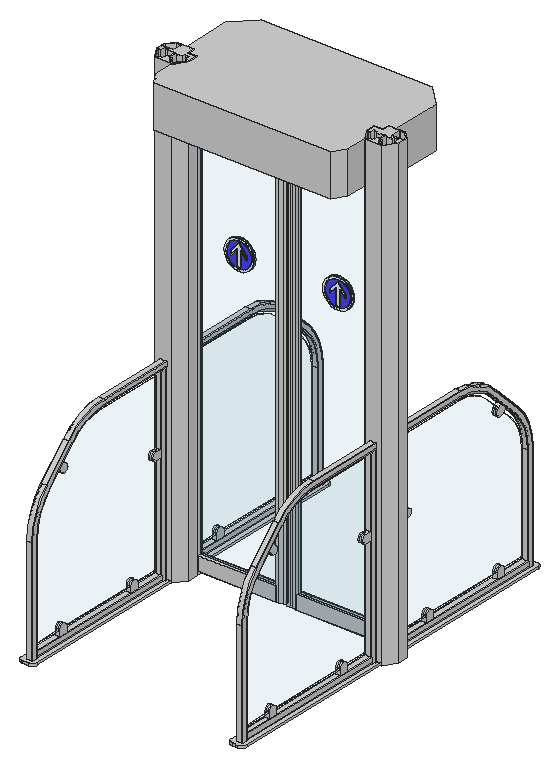
Revit family "assa_abloy_el_single", category Doors, Revit 2026 (continued)
Lines and regions (mm)
  symbolic lines, detail levels fine
    curve 49: line (469.9, -44, 0) -> (492.65, -44, 0)
    curve 50: line (469.9, -65.303, 0) -> (469.9, -44, 0)
    curve 51: line (452.3, -65.303, 0) -> (469.9, -65.303, 0)
    curve 52: line (452.3, -67.057, 0) -> (452.3, -65.303, 0)
    curve 53: line (486.52, -121.863, 0) -> (452.3, -67.057, 0)
    curve 54: line (534.65, -90.06, 0) -> (534.65, -53.5, 0)
    curve 55: line (543.15, -90.06, 0) -> (534.65, -90.06, 0)
    curve 56: line (543.15, -103.76, 0) -> (543.15, -90.06, 0)
    curve 57: line (550.15, -103.76, 0) -> (543.15, -103.76, 0)
    curve 58: line (550.15, -113.76, 0) -> (550.15, -103.76, 0)
    curve 59: line (560.85, -113.76, 0) -> (550.15, -113.76, 0)
    curve 60: line (577.78, -121.863, 0) -> (560.85, -121.863, 0)
    curve 61: line (612, -67.057, 0) -> (577.78, -121.863, 0)
    curve 62: line (612, -65.303, 0) -> (612, -67.057, 0)
    curve 63: line (594.6, -65.303, 0) -> (612, -65.303, 0)
    curve 64: line (594.6, -44, 0) -> (594.6, -65.303, 0)
    curve 65: line (571.65, -44, 0) -> (594.6, -44, 0)
    curve 66: line (571.65, -53.5, 0) -> (571.65, -44, 0)
    curve 67: line (534.65, -53.5, 0) -> (571.65, -53.5, 0)
    curve 68: line (612, -39, 0) -> (552.6, -39, 0)
    curve 69: line (612, -21.326, 0) -> (612, -39, 0)
    curve 70: line (579.934, 10.74, 0) -> (612, -21.326, 0)
    curve 71: line (556, 10.74, 0) -> (579.934, 10.74, 0)
    curve 72: line (556, 7.95, 0) -> (556, 10.74, 0)
    curve 73: line (552.6, 7.95, 0) -> (556, 7.95, 0)
    curve 74: line (552.6, -39, 0) -> (552.6, 7.95, 0)
    curve 75: line (560.85, -121.863, 0) -> (560.85, -113.76, 0)
    curve 76: line (492.65, -44, 0) -> (492.65, -53.5, 0)
  reference lines
    curve 38: line (-536.4, 0, 0) -> (-536.4, 17.45, 0)
    curve 39: line (536.4, 0, 0) -> (536.4, 17.24, 0)
  symbolic lines, detail levels medium+fine
    curve 77: line (-520.358, -978.395, 0) -> (-544.441, -978.395, 0)
    curve 78: line (-547.441, -128.76, 0) -> (-547.441, -975.394, 0)
    curve 79: line (-517.358, -975.396, 0) -> (-517.358, -128.76, 0)
    curve 80: arc (-517.4, -975.396, 0) -> (-518.264, -977.502, 0) -> (-520.358, -978.395, 0) r 2.999
    curve 81: arc (-544.441, -978.395, 0) -> (-546.536, -977.501, 0) -> (-547.4, -975.394, 0) r 3.001
    curve 92: line (517.358, -128.76, 0) -> (517.358, -975.396, 0)
    curve 93: line (547.441, -975.394, 0) -> (547.441, -128.76, 0)
    curve 94: line (544.441, -978.395, 0) -> (520.358, -978.395, 0)
    curve 95: arc (520.358, -978.395, 0) -> (518.264, -977.502, 0) -> (517.4, -975.396, 0) r 2.999
    curve 96: arc (547.4, -975.394, 0) -> (546.536, -977.501, 0) -> (544.441, -978.395, 0) r 3.001
  symbolic lines, visible <- "LargeRailing", detail levels medium+fine
    curve 82: line (-547.441, 1214.801, 0) -> (-547.441, 17.45, 0)
    curve 83: line (-517.358, 17.45, 0) -> (-517.358, 1214.803, 0)
    curve 84: line (-544.441, 1217.802, 0) -> (-520.358, 1217.802, 0)
    curve 85: arc (-520.358, 1217.802, 0) -> (-518.264, 1216.91, 0) -> (-517.4, 1214.803, 0) r 2.999
    curve 86: arc (-547.4, 1214.801, 0) -> (-546.536, 1216.909, 0) -> (-544.441, 1217.802, 0) r 3.001
    curve 97: line (517.358, 1214.803, 0) -> (517.358, 17.45, 0)
    curve 98: line (547.441, 17.45, 0) -> (547.441, 1214.801, 0)
    curve 99: line (520.358, 1217.802, 0) -> (544.441, 1217.802, 0)
    curve 100: arc (517.4, 1214.803, 0) -> (518.264, 1216.91, 0) -> (520.358, 1217.802, 0) r 2.999
    curve 101: arc (544.441, 1217.802, 0) -> (546.536, 1216.909, 0) -> (547.4, 1214.801, 0) r 3.001
  symbolic lines, visible <- "ShortRailing", detail levels medium+fine
    curve 87: line (-544.441, 867.085, 0) -> (-520.358, 867.085, 0)
    curve 88: arc (-547.4, 864.084, 0) -> (-546.536, 866.191, 0) -> (-544.441, 867.085, 0) r 3.001
    curve 89: arc (-520.358, 867.085, 0) -> (-518.264, 866.192, 0) -> (-517.4, 864.086, 0) r 2.999
    curve 90: line (-517.358, 17.45, 0) -> (-517.358, 864.086, 0)
    curve 91: line (-547.441, 864.084, 0) -> (-547.441, 17.45, 0)
    curve 102: line (520.358, 867.085, 0) -> (544.441, 867.085, 0)
    curve 103: arc (544.441, 867.085, 0) -> (546.536, 866.191, 0) -> (547.4, 864.084, 0) r 3.001
    curve 104: arc (517.4, 864.086, 0) -> (518.264, 866.192, 0) -> (520.358, 867.085, 0) r 2.999
    curve 105: line (517.358, 864.086, 0) -> (517.358, 17.45, 0)
    curve 106: line (547.441, 17.45, 0) -> (547.441, 864.084, 0)
Dimensions and locks
  "PassageHeight": plane 5 "PH" to plane 2
  "CanopyHeight": plane 4 "Top" to plane 5 "PH"
  equal spacing: plane 6, plane 3 "Center (Left/Right)", plane 7
  "PassageWidth": plane 6 to plane 7
  locked: plane 7 to plane 8 at 23.1
  locked: plane 9 to plane 6 at 23.1
  plane 10 "Right" to plane 11 = 8.00 mm
  locked: plane 1 "Entry" to plane 14 at 9.35
  locked: plane 14 to plane 15 at 8.1
  locked: plane 5 "PH" to plane 17 at 19.1
  locked: plane 13 to plane 12 "Left" at 8
  locked: plane 12 "Left" to plane 9 at 55.3
  locked: plane 8 to plane 10 "Right" at 55.3
  locked: Extrusion 48 sketch curve to plane 5 "PH" at 51.33
  locked: Extrusion 48 sketch curve to plane 5 "PH" at 38.08
  plane 5 "PH" to Extrusion 48 sketch curve = 64.58 mm
  aligned and locked: level to plane 2
  aligned and locked: Sweep 1 sketch curve to plane 7
  aligned and locked: plane 1 "Entry" to nested 1
  aligned and locked: plane 9 to nested 1
  aligned and locked: plane 8 to nested 2
  aligned and locked: nested 2 to plane 1 "Entry"
  aligned and locked: Masking region 1 sketch curve to Sweep 2  (x9)
  aligned and locked: curve 1 to Sweep 2
  aligned and locked: curve 2 to Sweep 2
  aligned and locked: curve 3 to Sweep 2
  aligned and locked: curve 4 to Sweep 2
  aligned and locked: curve 5 to Sweep 2
  aligned and locked: curve 6 to Sweep 2
  aligned and locked: curve 7 to Sweep 2
  aligned and locked: curve 8 to Sweep 2
  aligned and locked: curve 9 to Sweep 2
  aligned and locked: curve 10 to Sweep 2
  aligned and locked: curve 11 to Sweep 2
  aligned and locked: curve 12 to Sweep 2
  aligned and locked: curve 13 to Sweep 2
  aligned and locked: curve 14 to Sweep 2
  aligned and locked: curve 15 to Sweep 2
  aligned and locked: curve 16 to Sweep 2
  aligned and locked: curve 17 to Sweep 2
  aligned and locked: curve 18 to Sweep 2
  aligned and locked: curve 19 to Sweep 2
  aligned and locked: curve 20 to Sweep 2
  aligned and locked: curve 21 to Sweep 2
  aligned and locked: curve 22 to Sweep 2
  aligned and locked: curve 23 to Sweep 2
  aligned and locked: curve 24 to Sweep 2
  aligned and locked: curve 25 to Sweep 2
  aligned and locked: curve 26 to Sweep 2
  aligned and locked: curve 27 to Sweep 2
  aligned and locked: curve 28 to Sweep 2
  aligned and locked: curve 29 to Sweep 2
  aligned and locked: curve 30 to Sweep 2
  aligned and locked: curve 31 to Sweep 2
  aligned and locked: curve 32 to Sweep 2
  aligned and locked: curve 33 to Sweep 2
  aligned and locked: curve 34 to Sweep 2
  aligned and locked: curve 35 to Sweep 2
  aligned and locked: curve 36 to Sweep 2
  aligned and locked: curve 37 to Sweep 2
  aligned and locked: curve 39 to plane 11
  aligned and locked: Extrusion 6 sketch curve to Sweep 1  (x2)
  aligned and locked: Extrusion 6 sketch curve to Sweep 2  (x2)
  aligned and locked: Masking region 2 sketch curve to Sweep 1  (x9)
  aligned and locked: curve 40 to Sweep 1
  aligned and locked: curve 41 to Sweep 1
  aligned and locked: curve 42 to Sweep 1
  aligned and locked: curve 43 to Sweep 1
  aligned and locked: curve 44 to Sweep 1
  aligned and locked: curve 45 to Sweep 1
  aligned and locked: curve 46 to Sweep 1
  aligned and locked: curve 47 to Sweep 1
  aligned and locked: Sweep 1 to curve 48
  aligned and locked: curve 49 to Sweep 1
  aligned and locked: curve 50 to Sweep 1
  aligned and locked: curve 51 to Sweep 1
  aligned and locked: curve 52 to Sweep 1
  aligned and locked: curve 53 to Sweep 1
  aligned and locked: curve 54 to Sweep 1
  aligned and locked: curve 55 to Sweep 1
  aligned and locked: curve 56 to Sweep 1
  aligned and locked: curve 57 to Sweep 1
  aligned and locked: curve 58 to Sweep 1
  aligned and locked: curve 59 to Sweep 1
  aligned and locked: curve 60 to Sweep 1
  aligned and locked: curve 61 to Sweep 1
  aligned and locked: curve 62 to Sweep 1
  aligned and locked: curve 63 to Sweep 1
  aligned and locked: curve 64 to Sweep 1
  aligned and locked: curve 65 to Sweep 1
  aligned and locked: curve 66 to Sweep 1
  aligned and locked: curve 67 to Sweep 1
  aligned and locked: curve 68 to Sweep 1
  aligned and locked: curve 69 to Sweep 1
  aligned and locked: curve 70 to Sweep 1
  aligned and locked: curve 71 to Sweep 1
  aligned and locked: curve 72 to Sweep 1
  aligned and locked: curve 73 to Sweep 1
  aligned and locked: curve 74 to Sweep 1
  aligned and locked: curve 75 to Sweep 1
  aligned and locked: curve 76 to Sweep 1
  aligned and locked: Extrusion 10 sketch curve to plane 15
  aligned and locked: Extrusion 13 to plane 11
  aligned and locked: plane 15 to Sweep 8 sketch curve
  aligned and locked: Extrusion 15 to plane 11
  aligned and locked: Extrusion 16 to plane 11
  aligned and locked: plane 3 "Center (Left/Right)" to nested 3
  aligned and locked: plane 1 "Entry" to nested 3
  aligned and locked: Masking region 3 sketch curve to Extrusion 23  (x3)
  aligned and locked: Sweep 2 to Masking region 3 sketch curve
  aligned and locked: Masking region 4 sketch curve to Extrusion 42  (x3)
  aligned and locked: Masking region 4 sketch curve to Sweep 2
  aligned and locked: Masking region 5 sketch curve to Extrusion 24  (x3)
  aligned and locked: Masking region 5 sketch curve to Sweep 2
  aligned and locked: curve 77 to Extrusion 23
  aligned and locked: curve 78 to Extrusion 32
  aligned and locked: curve 79 to Extrusion 32
  aligned and locked: curve 80 to Extrusion 23
  aligned and locked: curve 81 to Extrusion 23
  aligned and locked: curve 82 to Extrusion 25
  aligned and locked: curve 83 to Extrusion 25
  aligned and locked: curve 84 to Extrusion 24
  aligned and locked: curve 85 to Extrusion 24
  aligned and locked: curve 86 to Extrusion 24
  aligned and locked: curve 87 to Extrusion 42
  aligned and locked: curve 88 to Extrusion 42
  aligned and locked: curve 89 to Extrusion 42
  aligned and locked: curve 90 to Extrusion 45
  aligned and locked: curve 91 to Extrusion 45
  aligned and locked: Masking region 6 sketch curve to Extrusion 9  (x3)
  aligned and locked: Sweep 1 to Masking region 6 sketch curve
  aligned and locked: curve 92 to Extrusion 18
  aligned and locked: curve 93 to Extrusion 18
  aligned and locked: curve 94 to Extrusion 9
  aligned and locked: curve 95 to Extrusion 9
  aligned and locked: curve 96 to Extrusion 9
  aligned and locked: Masking region 7 sketch curve to Extrusion 36  (x3)
  aligned and locked: Sweep 1 to Masking region 7 sketch curve
  aligned and locked: Masking region 8 sketch curve to Extrusion 10  (x3)
  aligned and locked: Sweep 1 to Masking region 8 sketch curve
  aligned and locked: curve 97 to Extrusion 11
  aligned and locked: curve 98 to Extrusion 11
  aligned and locked: curve 99 to Extrusion 10
  aligned and locked: curve 100 to Extrusion 10
  aligned and locked: curve 101 to Extrusion 10
  aligned and locked: curve 102 to Extrusion 36
  aligned and locked: curve 103 to Extrusion 36
  aligned and locked: curve 104 to Extrusion 36
  aligned and locked: curve 105 to Extrusion 39
  aligned and locked: curve 106 to Extrusion 39
  aligned and locked: Extrusion 3 sketch curve to cut or joined group of Extrusion 3, Extrusion 4, Extrusion 5, Extrusion 6  (x19)
  aligned and locked: cut or joined group of Extrusion 3, Extrusion 4, Extrusion 5, Extrusion 6 to Extrusion 3 sketch curve
  aligned and locked: plane 5 "PH" to Extrusion 47 sketch curve
Automatic sketch dimensions
  plane 1 "Entry" to curve 38 = 0.00 mm
  curve 38 to plane 13 = 0.00 mm  (x2)
  plane 15 to curve 38 = 0.00 mm
  plane 1 "Entry" to curve 39 = 0.00 mm
  curve 39 to curve 39 = 14.122 mm
  Sweep 1 sketch curve to level = 0.00 mm
  Sweep 1 sketch curve to plane 4 "Top" = 0.00 mm
  Sweep 1 sketch curve to profile plane = 0.00 mm
  profile plane to Sweep 1 sketch curve = 2.30 mm
  profile plane to Sweep 1 sketch curve = 19.90 mm
  profile plane to Sweep 1 sketch curve = 36.52 mm
  Sweep 1 sketch curve to Sweep 1 sketch curve = 0.946 mm
  Sweep 1 sketch curve to Sweep 1 sketch curve = 22.75 mm
  Sweep 1 sketch curve to Sweep 1 sketch curve = 0.646 mm
  Sweep 1 sketch curve to Sweep 1 sketch curve = 16.93 mm
  Sweep 1 sketch curve to Sweep 1 sketch curve = 10.70 mm  (x2)
  Sweep 1 sketch curve to Sweep 1 sketch curve = 7.00 mm  (x2)
  Sweep 1 sketch curve to Sweep 1 sketch curve = 37.00 mm
  Sweep 1 sketch curve to Sweep 1 sketch curve = 5.00 mm  (x2)
  Sweep 1 sketch curve to Sweep 1 sketch curve = 8.50 mm
  Sweep 1 sketch curve to Sweep 1 sketch curve = 17.95 mm
  Sweep 1 sketch curve to Sweep 1 sketch curve = 3.40 mm
  Sweep 1 sketch curve to Sweep 1 sketch curve = 19.05 mm
  Sweep 1 sketch curve to Sweep 1 sketch curve = 20.752 mm
  Sweep 1 sketch curve to Sweep 1 sketch curve = 16.185 mm
  Sweep 1 sketch curve to Sweep 1 sketch curve = 0.746 mm
  Sweep 1 sketch curve to Sweep 1 sketch curve = 3.182 mm
  Sweep 1 sketch curve to Sweep 1 sketch curve = 22.95 mm
  plane 1 "Entry" to Sweep 1 sketch curve = 21.326 mm
  Sweep 1 sketch curve to Sweep 1 sketch curve = 17.40 mm  (x2)
  plane 1 "Entry" to Sweep 1 sketch curve = 20.298 mm
  Sweep 1 sketch curve to Sweep 1 sketch curve = 2.50 mm
  plane 1 "Entry" to Sweep 1 sketch curve = 20.296 mm
  Sweep 1 sketch curve to plane 1 "Entry" = 7.95 mm
  Sweep 1 sketch curve to Sweep 1 sketch curve = 2.79 mm
  Sweep 1 sketch curve to Sweep 1 sketch curve = 6.71 mm
  plane 1 "Entry" to Sweep 1 sketch curve = 39.00 mm
  Sweep 1 sketch curve to Sweep 1 sketch curve = 23.704 mm
  Sweep 1 sketch curve to Sweep 1 sketch curve = 14.50 mm
  Sweep 1 sketch curve to Sweep 1 sketch curve = 0.00 mm  (x2)
  Sweep 1 sketch curve to Sweep 1 sketch curve = 21.303 mm  (x2)
  Sweep 1 sketch curve to Sweep 1 sketch curve = 1.754 mm  (x2)
  Sweep 1 sketch curve to Sweep 1 sketch curve = 1.746 mm  (x2)
  Sweep 1 sketch curve to Sweep 1 sketch curve = 36.56 mm
  Sweep 1 sketch curve to Sweep 1 sketch curve = 13.70 mm  (x2)
  Sweep 1 sketch curve to Sweep 1 sketch curve = 10.00 mm  (x2)
  Sweep 1 sketch curve to Sweep 1 sketch curve = 8.103 mm  (x2)
  Sweep 1 sketch curve to Sweep 1 sketch curve = 6.897 mm
  Sweep 2 sketch curve to plane 4 "Top" = 0.00 mm
  plane 6 to Sweep 2 sketch curve = 0.00 mm
  Sweep 2 sketch curve to level = 0.00 mm
  Sweep 2 sketch curve to profile plane = 0.00 mm
  Sweep 2 sketch curve to profile plane = 2.30 mm
  Sweep 2 sketch curve to Sweep 2 sketch curve = 17.60 mm
  Sweep 2 sketch curve to profile plane = 36.52 mm
  Sweep 2 sketch curve to Sweep 2 sketch curve = 0.946 mm
  Sweep 2 sketch curve to Sweep 2 sketch curve = 22.75 mm
  Sweep 2 sketch curve to Sweep 2 sketch curve = 0.646 mm
  Sweep 2 sketch curve to Sweep 2 sketch curve = 16.93 mm
  Sweep 2 sketch curve to Sweep 2 sketch curve = 10.70 mm  (x2)
  Sweep 2 sketch curve to Sweep 2 sketch curve = 7.00 mm  (x2)
  Sweep 2 sketch curve to Sweep 2 sketch curve = 37.00 mm
  Sweep 2 sketch curve to Sweep 2 sketch curve = 5.00 mm  (x2)
  Sweep 2 sketch curve to Sweep 2 sketch curve = 8.50 mm
  Sweep 2 sketch curve to plane 1 "Entry" = 7.95 mm
  Sweep 2 sketch curve to Sweep 2 sketch curve = 59.304 mm
  Sweep 2 sketch curve to Sweep 2 sketch curve = 3.40 mm
  Sweep 2 sketch curve to Sweep 2 sketch curve = 19.05 mm
  Sweep 2 sketch curve to Sweep 2 sketch curve = 20.752 mm
  Sweep 2 sketch curve to Sweep 2 sketch curve = 16.185 mm
  Sweep 2 sketch curve to Sweep 2 sketch curve = 0.746 mm
  Sweep 2 sketch curve to Sweep 2 sketch curve = 3.182 mm
  Sweep 2 sketch curve to Sweep 2 sketch curve = 22.95 mm
  Sweep 2 sketch curve to Sweep 2 sketch curve = 17.40 mm  (x2)
  plane 1 "Entry" to Sweep 2 sketch curve = 68.803 mm
  Sweep 2 sketch curve to Sweep 2 sketch curve = 2.50 mm
  Sweep 2 sketch curve to Sweep 2 sketch curve = 2.79 mm
  Sweep 2 sketch curve to Sweep 2 sketch curve = 6.71 mm
  plane 1 "Entry" to Sweep 2 sketch curve = 20.296 mm
  plane 1 "Entry" to Sweep 2 sketch curve = 20.298 mm
  Sweep 2 sketch curve to Sweep 2 sketch curve = 1.028 mm
  plane 1 "Entry" to Sweep 2 sketch curve = 39.00 mm
  Sweep 2 sketch curve to Sweep 2 sketch curve = 23.704 mm
  Sweep 2 sketch curve to Sweep 2 sketch curve = 14.50 mm
  Sweep 2 sketch curve to Sweep 2 sketch curve = 0.00 mm  (x2)
  Sweep 2 sketch curve to Sweep 2 sketch curve = 21.303 mm
  Sweep 2 sketch curve to Sweep 2 sketch curve = 3.50 mm
  Sweep 2 sketch curve to Sweep 2 sketch curve = 1.754 mm  (x2)
  Sweep 2 sketch curve to Sweep 2 sketch curve = 1.746 mm
  Sweep 2 sketch curve to Sweep 2 sketch curve = 36.56 mm
  Sweep 2 sketch curve to Sweep 2 sketch curve = 13.70 mm  (x2)
  Sweep 2 sketch curve to Sweep 2 sketch curve = 10.00 mm  (x2)
  Sweep 2 sketch curve to Sweep 2 sketch curve = 8.103 mm  (x2)
  Sweep 2 sketch curve to Sweep 2 sketch curve = 6.897 mm
  Extrusion 6 sketch curve to plane 7 = 0.00 mm
  Extrusion 6 sketch curve to plane 6 = 0.00 mm
  plane 15 to Extrusion 6 sketch curve = 0.00 mm  (x2)
  Extrusion 6 sketch curve to plane 8 = 15.00 mm
  plane 7 to Extrusion 6 sketch curve = 1.542 mm
  Extrusion 6 sketch curve to plane 6 = 2.149 mm
  Extrusion 6 sketch curve to plane 9 = 14.65 mm
  Extrusion 6 sketch curve to Extrusion 6 sketch curve = 48.507 mm  (x2)
  Extrusion 6 sketch curve to Extrusion 6 sketch curve = 60.413 mm
  Extrusion 6 sketch curve to Extrusion 6 sketch curve = 60.973 mm
  Extrusion 6 sketch curve to Extrusion 6 sketch curve = 101.834 mm
  Extrusion 6 sketch curve to Extrusion 6 sketch curve = 101.982 mm
  Extrusion 6 sketch curve to Extrusion 6 sketch curve = 63.852 mm
  Sweep 7 sketch curve to level = 0.00 mm
  plane 1 "Entry" to Sweep 7 sketch curve = 128.76 mm
  Sweep 7 sketch curve to Sweep 7 sketch curve = 393.213 mm
  Sweep 7 sketch curve to Sweep 7 sketch curve = 141.421 mm  (x4)
  Sweep 7 sketch curve to Sweep 7 sketch curve = 222.739 mm
  Sweep 7 sketch curve to Sweep 7 sketch curve = 92.261 mm
  plane 16 to Sweep 7 sketch curve = 472.679 mm
  Sweep 7 sketch curve to profile plane = 0.00 mm
  profile plane to Sweep 7 sketch curve = 2.999 mm
  profile plane to Sweep 7 sketch curve = 3.001 mm
  plane 10 "Right" to Sweep 7 sketch curve = 11.00 mm
  Sweep 7 sketch curve to Sweep 7 sketch curve = 23.999 mm
  Sweep 7 sketch curve to Sweep 7 sketch curve = 24.00 mm
  Sweep 7 sketch curve to Sweep 7 sketch curve = 3.00 mm
  Sweep 7 sketch curve to Sweep 7 sketch curve = 2.999 mm  (x2)
  Sweep 7 sketch curve to plane 10 "Right" = 15.998 mm
  Sweep 7 sketch curve to plane 10 "Right" = 16.001 mm
  Sweep 7 sketch curve to Sweep 7 sketch curve = 0.042 mm
  Sweep 7 sketch curve to Sweep 7 sketch curve = 0.00 mm
  Sweep 8 sketch curve to level = 0.00 mm
  plane 15 to Sweep 8 sketch curve = 743.929 mm
  Sweep 8 sketch curve to Sweep 8 sketch curve = 141.423 mm  (x4)
  Sweep 8 sketch curve to Sweep 8 sketch curve = 222.739 mm
  Sweep 8 sketch curve to plane 16 = 695.416 mm
  Sweep 8 sketch curve to Sweep 8 sketch curve = 315.00 mm
  Sweep 8 sketch curve to profile plane = 0.00 mm
  Sweep 8 sketch curve to profile plane = 2.999 mm
  Sweep 8 sketch curve to profile plane = 3.001 mm
  plane 10 "Right" to Sweep 8 sketch curve = 11.00 mm
  Sweep 8 sketch curve to Sweep 8 sketch curve = 23.999 mm
  Sweep 8 sketch curve to Sweep 8 sketch curve = 24.00 mm
  Sweep 8 sketch curve to Sweep 8 sketch curve = 3.00 mm
  Sweep 8 sketch curve to Sweep 8 sketch curve = 2.999 mm  (x2)
  Sweep 8 sketch curve to plane 10 "Right" = 15.998 mm
  Sweep 8 sketch curve to plane 10 "Right" = 16.001 mm
  Sweep 8 sketch curve to Sweep 8 sketch curve = 0.042 mm
  Sweep 8 sketch curve to Sweep 8 sketch curve = 0.00 mm
  Extrusion 9 sketch curve to plane 8 = 19.299 mm
  plane 10 "Right" to Extrusion 9 sketch curve = 11.001 mm
  plane 10 "Right" to Extrusion 9 sketch curve = 11.00 mm
  plane 10 "Right" to Extrusion 9 sketch curve = 10.959 mm
  Extrusion 9 sketch curve to Extrusion 9 sketch curve = 2.959 mm
  Extrusion 9 sketch curve to Extrusion 9 sketch curve = 0.041 mm
  Extrusion 9 sketch curve to Extrusion 9 sketch curve = 3.00 mm  (x5)
  Extrusion 9 sketch curve to Extrusion 9 sketch curve = 0.00 mm  (x4)
  Extrusion 9 sketch curve to Extrusion 9 sketch curve = 2.993 mm
  Extrusion 9 sketch curve to Extrusion 9 sketch curve = 0.007 mm  (x2)
  Extrusion 9 sketch curve to plane 11 = 7.998 mm
  Extrusion 9 sketch curve to plane 11 = 8.001 mm
  Extrusion 9 sketch curve to plane 11 = 8.041 mm  (x2)
  Extrusion 9 sketch curve to Extrusion 9 sketch curve = 0.042 mm
  Extrusion 9 sketch curve to Extrusion 9 sketch curve = 0.05 mm
  Extrusion 9 sketch curve to plane 11 = 10.999 mm
  Extrusion 9 sketch curve to Extrusion 9 sketch curve = 2.999 mm
  Extrusion 9 sketch curve to Extrusion 9 sketch curve = 25.00 mm
  plane 1 "Entry" to Extrusion 9 sketch curve = 1003.395 mm
  Extrusion 9 sketch curve to Extrusion 9 sketch curve = 23.999 mm
  Extrusion 9 sketch curve to Extrusion 9 sketch curve = 24.00 mm  (x3)
  plane 1 "Entry" to Extrusion 9 sketch curve = 158.76 mm
  plane 15 to Extrusion 10 sketch curve = 0.00 mm  (x3)
  plane 8 to Extrusion 10 sketch curve = 19.299 mm
  Extrusion 10 sketch curve to plane 10 "Right" = 11.001 mm
  Extrusion 10 sketch curve to plane 10 "Right" = 11.00 mm
  Extrusion 10 sketch curve to plane 10 "Right" = 10.959 mm
  Extrusion 10 sketch curve to Extrusion 10 sketch curve = 2.959 mm  (x2)
  Extrusion 10 sketch curve to Extrusion 10 sketch curve = 0.041 mm
  Extrusion 10 sketch curve to Extrusion 10 sketch curve = 3.00 mm  (x3)
  Extrusion 10 sketch curve to Extrusion 10 sketch curve = 0.00 mm  (x3)
  Extrusion 10 sketch curve to Extrusion 10 sketch curve = 2.993 mm
  Extrusion 10 sketch curve to Extrusion 10 sketch curve = 0.007 mm  (x2)
  plane 11 to Extrusion 10 sketch curve = 7.998 mm
  plane 11 to Extrusion 10 sketch curve = 8.001 mm
  plane 15 to Extrusion 10 sketch curve = 3.00 mm
  plane 11 to Extrusion 10 sketch curve = 8.041 mm
  Extrusion 10 sketch curve to Extrusion 10 sketch curve = 0.042 mm
  Extrusion 10 sketch curve to Extrusion 10 sketch curve = 0.05 mm
  Extrusion 10 sketch curve to Extrusion 10 sketch curve = 0.001 mm
  Extrusion 10 sketch curve to Extrusion 10 sketch curve = 25.00 mm
  Extrusion 10 sketch curve to Extrusion 10 sketch curve = 24.00 mm  (x2)
  Extrusion 10 sketch curve to Extrusion 10 sketch curve = 1140.352 mm
  Extrusion 10 sketch curve to Extrusion 10 sketch curve = 0.002 mm
  Extrusion 10 sketch curve to Extrusion 10 sketch curve = 3.001 mm
  Extrusion 11 sketch curve to plane 11 = 8.096 mm
  plane 16 to Extrusion 11 sketch curve = 399.099 mm
  Extrusion 11 sketch curve to Extrusion 11 sketch curve = 2.948 mm  (x2)
  Extrusion 11 sketch curve to Extrusion 11 sketch curve = 0.052 mm  (x2)
  Extrusion 11 sketch curve to Extrusion 11 sketch curve = 24.05 mm  (x2)
  plane 10 "Right" to Extrusion 11 sketch curve = 11.042 mm
  Extrusion 11 sketch curve to Extrusion 11 sketch curve = 3.002 mm
  Extrusion 11 sketch curve to Extrusion 11 sketch curve = 2.944 mm
  Extrusion 11 sketch curve to plane 11 = 8.039 mm
  plane 10 "Right" to Extrusion 12 sketch curve = 10.959 mm
  Extrusion 12 sketch curve to Extrusion 12 sketch curve = 2.993 mm
  Extrusion 12 sketch curve to Extrusion 12 sketch curve = 3.00 mm  (x3)
  Extrusion 12 sketch curve to plane 11 = 8.041 mm  (x2)
  Extrusion 12 sketch curve to Extrusion 12 sketch curve = 0.007 mm
  plane 1 "Entry" to Extrusion 12 sketch curve = 158.76 mm
  Extrusion 12 sketch curve to Extrusion 12 sketch curve = 24.00 mm
  Extrusion 13 sketch curve to plane 15 = 1150.352 mm
  plane 16 to Extrusion 13 sketch curve = 654.824 mm
  Extrusion 13 sketch curve to Extrusion 13 sketch curve = 73.223 mm
  Extrusion 13 sketch curve to Extrusion 13 sketch curve = 61.383 mm
  Extrusion 13 sketch curve to Extrusion 13 sketch curve = 6.647 mm  (x4)
  Extrusion 13 sketch curve to Extrusion 13 sketch curve = 14.142 mm  (x2)
  Extrusion 13 sketch curve to Extrusion 13 sketch curve = 7.495 mm
  Extrusion 13 sketch curve to Extrusion 13 sketch curve = 210.00 mm
  Extrusion 13 sketch curve to Extrusion 13 sketch curve = 60.886 mm  (x2)
  Extrusion 13 sketch curve to Extrusion 13 sketch curve = 20.00 mm  (x3)
  Extrusion 13 sketch curve to Extrusion 13 sketch curve = 0.00 mm
  Extrusion 13 sketch curve to Extrusion 13 sketch curve = 150.553 mm  (x2)
  Extrusion 13 sketch curve to plane 15 = 270.355 mm  (x2)
  Extrusion 13 sketch curve to plane 15 = 50.355 mm
  plane 16 to Extrusion 13 sketch curve = 429.10 mm
  Extrusion 13 sketch curve to Extrusion 13 sketch curve = 48.947 mm
  Extrusion 13 sketch curve to Extrusion 13 sketch curve = 9.50 mm  (x5)
  Extrusion 13 sketch curve to Extrusion 13 sketch curve = 54.736 mm
  plane 15 to Extrusion 14 sketch curve = 0.00 mm
  Extrusion 14 sketch curve to plane 10 "Right" = 10.959 mm
  Extrusion 14 sketch curve to Extrusion 14 sketch curve = 2.993 mm
  Extrusion 14 sketch curve to Extrusion 14 sketch curve = 3.00 mm  (x2)
  plane 11 to Extrusion 14 sketch curve = 8.041 mm  (x2)
  plane 15 to Extrusion 14 sketch curve = 3.00 mm
  Extrusion 14 sketch curve to Extrusion 14 sketch curve = 0.007 mm
  Extrusion 14 sketch curve to Extrusion 14 sketch curve = 24.00 mm
  plane 16 to Extrusion 15 sketch curve = 349.10 mm
  Extrusion 15 sketch curve to plane 15 = 1150.355 mm
  Extrusion 15 sketch curve to Extrusion 15 sketch curve = 210.003 mm  (x2)
  Extrusion 15 sketch curve to plane 16 = 10.90 mm  (x3)
  Extrusion 15 sketch curve to plane 16 = 0.90 mm  (x2)
  Extrusion 15 sketch curve to Extrusion 15 sketch curve = 20.00 mm  (x4)
  Extrusion 15 sketch curve to plane 15 = 270.355 mm  (x2)
  Extrusion 15 sketch curve to plane 15 = 50.355 mm
  plane 16 to Extrusion 15 sketch curve = 339.10 mm
  Extrusion 15 sketch curve to Extrusion 15 sketch curve = 10.00 mm  (x3)
  Extrusion 16 sketch curve to plane 16 = 10.90 mm  (x3)
  plane 1 "Entry" to Extrusion 16 sketch curve = 178.395 mm  (x2)
  Extrusion 16 sketch curve to Extrusion 16 sketch curve = 10.365 mm
  Extrusion 16 sketch curve to plane 16 = 0.901 mm  (x2)
  Extrusion 16 sketch curve to Extrusion 16 sketch curve = 130.00 mm  (x2)
  Extrusion 16 sketch curve to Extrusion 16 sketch curve = 20.00 mm  (x3)
  Extrusion 16 sketch curve to Extrusion 16 sketch curve = 349.447 mm
  Extrusion 16 sketch curve to Extrusion 16 sketch curve = 150.553 mm  (x2)
  Extrusion 16 sketch curve to Extrusion 16 sketch curve = 176.777 mm
  Extrusion 16 sketch curve to Extrusion 16 sketch curve = 410.00 mm
  Extrusion 16 sketch curve to Extrusion 16 sketch curve = 54.236 mm  (x2)
  Extrusion 16 sketch curve to Extrusion 16 sketch curve = 6.898 mm  (x3)
  Extrusion 16 sketch curve to Extrusion 16 sketch curve = 14.142 mm  (x3)
  Extrusion 16 sketch curve to Extrusion 16 sketch curve = 61.135 mm
  plane 16 to Extrusion 16 sketch curve = 478.547 mm
  Extrusion 16 sketch curve to Extrusion 16 sketch curve = 20.553 mm
  Extrusion 17 sketch curve to plane 11 = 8.096 mm
  Extrusion 17 sketch curve to plane 16 = 30.901 mm
  Extrusion 17 sketch curve to Extrusion 17 sketch curve = 2.948 mm  (x2)
  Extrusion 17 sketch curve to Extrusion 17 sketch curve = 3.00 mm  (x3)
  level to Extrusion 17 sketch curve = 13.002 mm  (x2)
  Extrusion 17 sketch curve to Extrusion 17 sketch curve = 3.002 mm
  Extrusion 17 sketch curve to Extrusion 17 sketch curve = 0.055 mm
  plane 10 "Right" to Extrusion 17 sketch curve = 8.041 mm
  Extrusion 18 sketch curve to plane 11 = 8.096 mm
  Extrusion 18 sketch curve to plane 16 = 30.901 mm
  Extrusion 18 sketch curve to Extrusion 18 sketch curve = 2.948 mm  (x2)
  Extrusion 18 sketch curve to Extrusion 18 sketch curve = 3.00 mm  (x3)
  level to Extrusion 18 sketch curve = 13.002 mm  (x2)
  Extrusion 18 sketch curve to Extrusion 18 sketch curve = 3.002 mm
  Extrusion 18 sketch curve to Extrusion 18 sketch curve = 2.944 mm
  plane 10 "Right" to Extrusion 18 sketch curve = 8.041 mm
  Extrusion 19 sketch curve to plane 15 = 1030.312 mm
  Extrusion 19 sketch curve to Extrusion 19 sketch curve = 21.213 mm
  Extrusion 19 sketch curve to Extrusion 19 sketch curve = 28.284 mm
  Extrusion 19 sketch curve to Extrusion 19 sketch curve = 14.142 mm  (x3)
  Extrusion 19 sketch curve to Extrusion 19 sketch curve = 68.747 mm
  Extrusion 19 sketch curve to Extrusion 19 sketch curve = 0.00 mm  (x3)
  Extrusion 19 sketch curve to plane 16 = 0.90 mm  (x2)
  Extrusion 19 sketch curve to Extrusion 19 sketch curve = 20.00 mm  (x7)
  Extrusion 19 sketch curve to plane 15 = 270.355 mm  (x3)
  Extrusion 19 sketch curve to Extrusion 19 sketch curve = 30.00 mm  (x9)
  plane 16 to Extrusion 19 sketch curve = 339.10 mm  (x2)
  Extrusion 19 sketch curve to Extrusion 19 sketch curve = 280.46 mm
  Extrusion 19 sketch curve to Extrusion 19 sketch curve = 440.00 mm
  plane 1 "Entry" to Extrusion 20 sketch curve = 158.76 mm
  Extrusion 20 sketch curve to Extrusion 20 sketch curve = 30.00 mm  (x3)
  Extrusion 20 sketch curve to plane 16 = 0.901 mm  (x2)
  plane 1 "Entry" to Extrusion 20 sketch curve = 308.395 mm
  Extrusion 20 sketch curve to Extrusion 20 sketch curve = 20.00 mm  (x3)
  Extrusion 20 sketch curve to Extrusion 20 sketch curve = 410.00 mm
  Extrusion 20 sketch curve to Extrusion 20 sketch curve = 570.094 mm
  Extrusion 20 sketch curve to Extrusion 20 sketch curve = 14.142 mm  (x3)
  Extrusion 20 sketch curve to Extrusion 20 sketch curve = 21.213 mm  (x2)
  plane 16 to Extrusion 20 sketch curve = 499.10 mm
  Extrusion 20 sketch curve to Extrusion 20 sketch curve = 170.459 mm
  Sweep 21 sketch curve to profile plane = 0.00 mm
  Sweep 21 sketch curve to profile plane = 2.999 mm
  Sweep 21 sketch curve to profile plane = 3.001 mm
  profile plane to Sweep 21 sketch curve = 11.00 mm
  Sweep 21 sketch curve to Sweep 21 sketch curve = 23.999 mm
  Sweep 21 sketch curve to Sweep 21 sketch curve = 24.00 mm
  Sweep 21 sketch curve to Sweep 21 sketch curve = 3.00 mm
  Sweep 21 sketch curve to Sweep 21 sketch curve = 2.999 mm  (x2)
  Sweep 21 sketch curve to profile plane = 15.998 mm
  Sweep 21 sketch curve to profile plane = 16.001 mm
  Sweep 21 sketch curve to Sweep 21 sketch curve = 0.042 mm
  Sweep 21 sketch curve to Sweep 21 sketch curve = 0.00 mm
  Sweep 22 sketch curve to profile plane = 0.00 mm
  profile plane to Sweep 22 sketch curve = 2.999 mm
  profile plane to Sweep 22 sketch curve = 3.001 mm
  profile plane to Sweep 22 sketch curve = 11.00 mm
  Sweep 22 sketch curve to Sweep 22 sketch curve = 23.999 mm
  Sweep 22 sketch curve to Sweep 22 sketch curve = 24.00 mm
  Sweep 22 sketch curve to Sweep 22 sketch curve = 3.00 mm
  Sweep 22 sketch curve to Sweep 22 sketch curve = 2.999 mm  (x2)
  Sweep 22 sketch curve to profile plane = 15.998 mm
  Sweep 22 sketch curve to profile plane = 16.001 mm
  Sweep 22 sketch curve to Sweep 22 sketch curve = 0.042 mm
  Sweep 22 sketch curve to Sweep 22 sketch curve = 0.00 mm
  plane 9 to Extrusion 23 sketch curve = 19.299 mm
  Extrusion 23 sketch curve to plane 12 "Left" = 11.001 mm
  Extrusion 23 sketch curve to plane 12 "Left" = 11.00 mm
  Extrusion 23 sketch curve to plane 12 "Left" = 10.959 mm
  Extrusion 23 sketch curve to Extrusion 23 sketch curve = 2.959 mm
  Extrusion 23 sketch curve to Extrusion 23 sketch curve = 0.041 mm
  Extrusion 23 sketch curve to Extrusion 23 sketch curve = 3.00 mm  (x5)
  Extrusion 23 sketch curve to Extrusion 23 sketch curve = 0.00 mm  (x4)
  Extrusion 23 sketch curve to Extrusion 23 sketch curve = 2.993 mm
  Extrusion 23 sketch curve to Extrusion 23 sketch curve = 0.007 mm  (x2)
  plane 13 to Extrusion 23 sketch curve = 7.998 mm
  plane 13 to Extrusion 23 sketch curve = 8.001 mm
  plane 13 to Extrusion 23 sketch curve = 8.041 mm  (x2)
  Extrusion 23 sketch curve to Extrusion 23 sketch curve = 0.042 mm
  Extrusion 23 sketch curve to Extrusion 23 sketch curve = 0.05 mm
  plane 13 to Extrusion 23 sketch curve = 10.999 mm
  Extrusion 23 sketch curve to Extrusion 23 sketch curve = 2.999 mm
  Extrusion 23 sketch curve to Extrusion 23 sketch curve = 25.00 mm
  Extrusion 23 sketch curve to plane 1 "Entry" = 1003.395 mm
  Extrusion 23 sketch curve to Extrusion 23 sketch curve = 23.999 mm
  Extrusion 23 sketch curve to Extrusion 23 sketch curve = 24.00 mm  (x3)
  Extrusion 23 sketch curve to plane 1 "Entry" = 158.76 mm
  plane 15 to Extrusion 24 sketch curve = 0.00 mm  (x4)
  Extrusion 24 sketch curve to plane 9 = 19.299 mm
  plane 12 "Left" to Extrusion 24 sketch curve = 11.001 mm
  plane 12 "Left" to Extrusion 24 sketch curve = 11.00 mm
  plane 12 "Left" to Extrusion 24 sketch curve = 10.959 mm
  Extrusion 24 sketch curve to Extrusion 24 sketch curve = 2.959 mm  (x2)
  Extrusion 24 sketch curve to Extrusion 24 sketch curve = 0.041 mm
  Extrusion 24 sketch curve to Extrusion 24 sketch curve = 3.00 mm  (x3)
  Extrusion 24 sketch curve to Extrusion 24 sketch curve = 0.00 mm  (x3)
  Extrusion 24 sketch curve to Extrusion 24 sketch curve = 2.993 mm
  Extrusion 24 sketch curve to Extrusion 24 sketch curve = 0.007 mm  (x2)
  Extrusion 24 sketch curve to plane 13 = 7.998 mm
  Extrusion 24 sketch curve to plane 13 = 8.001 mm
  Extrusion 24 sketch curve to plane 15 = 3.00 mm
  Extrusion 24 sketch curve to plane 13 = 8.041 mm
  Extrusion 24 sketch curve to Extrusion 24 sketch curve = 0.042 mm
  Extrusion 24 sketch curve to Extrusion 24 sketch curve = 0.05 mm
  Extrusion 24 sketch curve to Extrusion 24 sketch curve = 0.001 mm
  Extrusion 24 sketch curve to Extrusion 24 sketch curve = 25.00 mm
  Extrusion 24 sketch curve to Extrusion 24 sketch curve = 24.00 mm  (x2)
  Extrusion 24 sketch curve to Extrusion 24 sketch curve = 1140.352 mm
  Extrusion 24 sketch curve to Extrusion 24 sketch curve = 0.002 mm
  Extrusion 24 sketch curve to Extrusion 24 sketch curve = 3.001 mm
  Extrusion 25 sketch curve to plane 13 = 8.096 mm
  plane 16 to Extrusion 25 sketch curve = 399.099 mm
  Extrusion 25 sketch curve to Extrusion 25 sketch curve = 2.948 mm  (x2)
  Extrusion 25 sketch curve to Extrusion 25 sketch curve = 3.00 mm  (x3)
  Extrusion 25 sketch curve to Extrusion 25 sketch curve = 24.05 mm  (x2)
  plane 12 "Left" to Extrusion 25 sketch curve = 11.042 mm
  Extrusion 25 sketch curve to Extrusion 25 sketch curve = 3.002 mm
  Extrusion 25 sketch curve to Extrusion 25 sketch curve = 2.944 mm
  Extrusion 26 sketch curve to plane 12 "Left" = 10.959 mm
  Extrusion 26 sketch curve to Extrusion 26 sketch curve = 2.993 mm
  Extrusion 26 sketch curve to Extrusion 26 sketch curve = 3.00 mm  (x2)
  Extrusion 26 sketch curve to Extrusion 26 sketch curve = 0.007 mm  (x2)
  plane 13 to Extrusion 26 sketch curve = 8.041 mm  (x2)
  Extrusion 26 sketch curve to plane 1 "Entry" = 158.76 mm
  Extrusion 26 sketch curve to Extrusion 26 sketch curve = 24.00 mm
  plane 15 to Extrusion 28 sketch curve = 0.00 mm
  plane 12 "Left" to Extrusion 28 sketch curve = 10.959 mm
  Extrusion 28 sketch curve to Extrusion 28 sketch curve = 2.993 mm
  Extrusion 28 sketch curve to Extrusion 28 sketch curve = 3.00 mm
  Extrusion 28 sketch curve to Extrusion 28 sketch curve = 0.007 mm  (x2)
  Extrusion 28 sketch curve to plane 13 = 8.041 mm  (x2)
  Extrusion 28 sketch curve to plane 15 = 3.00 mm
  Extrusion 28 sketch curve to Extrusion 28 sketch curve = 24.00 mm
  Extrusion 31 sketch curve to plane 13 = 8.096 mm
  Extrusion 31 sketch curve to plane 16 = 30.901 mm
  Extrusion 31 sketch curve to Extrusion 31 sketch curve = 2.948 mm  (x2)
  Extrusion 31 sketch curve to Extrusion 31 sketch curve = 3.00 mm  (x3)
  level to Extrusion 31 sketch curve = 13.002 mm  (x2)
  Extrusion 31 sketch curve to Extrusion 31 sketch curve = 3.002 mm
  Extrusion 31 sketch curve to Extrusion 31 sketch curve = 2.944 mm
  plane 12 "Left" to Extrusion 31 sketch curve = 8.041 mm
  Extrusion 32 sketch curve to plane 13 = 8.096 mm
  Extrusion 32 sketch curve to plane 16 = 30.901 mm
  Extrusion 32 sketch curve to Extrusion 32 sketch curve = 2.948 mm  (x2)
  Extrusion 32 sketch curve to Extrusion 32 sketch curve = 3.00 mm  (x2)
  Extrusion 32 sketch curve to Extrusion 32 sketch curve = 0.052 mm
  level to Extrusion 32 sketch curve = 13.002 mm  (x2)
  Extrusion 32 sketch curve to Extrusion 32 sketch curve = 3.002 mm
  Extrusion 32 sketch curve to Extrusion 32 sketch curve = 0.055 mm
  plane 12 "Left" to Extrusion 32 sketch curve = 8.041 mm
  Sweep 35 sketch curve to level = 0.00 mm
  plane 15 to Sweep 35 sketch curve = 0.00 mm
  Sweep 35 sketch curve to Sweep 35 sketch curve = 393.213 mm
  Sweep 35 sketch curve to Sweep 35 sketch curve = 141.421 mm  (x4)
  Sweep 35 sketch curve to Sweep 35 sketch curve = 222.739 mm
  Sweep 35 sketch curve to Sweep 35 sketch curve = 92.261 mm
  Sweep 35 sketch curve to plane 16 = 472.679 mm
  Sweep 35 sketch curve to profile plane = 0.00 mm
  Sweep 35 sketch curve to profile plane = 2.999 mm
  Sweep 35 sketch curve to profile plane = 3.001 mm
  plane 10 "Right" to Sweep 35 sketch curve = 11.00 mm
  Sweep 35 sketch curve to Sweep 35 sketch curve = 23.999 mm
  Sweep 35 sketch curve to Sweep 35 sketch curve = 24.00 mm
  Sweep 35 sketch curve to Sweep 35 sketch curve = 3.00 mm
  Sweep 35 sketch curve to Sweep 35 sketch curve = 2.999 mm  (x2)
  Sweep 35 sketch curve to plane 10 "Right" = 15.998 mm
  Sweep 35 sketch curve to plane 10 "Right" = 16.001 mm
  Sweep 35 sketch curve to Sweep 35 sketch curve = 0.042 mm
  Sweep 35 sketch curve to Sweep 35 sketch curve = 0.00 mm
  plane 8 to Extrusion 36 sketch curve = 19.299 mm
  Extrusion 36 sketch curve to plane 10 "Right" = 11.001 mm
  Extrusion 36 sketch curve to plane 10 "Right" = 11.00 mm
  Extrusion 36 sketch curve to plane 10 "Right" = 10.959 mm
  Extrusion 36 sketch curve to Extrusion 36 sketch curve = 2.959 mm
  Extrusion 36 sketch curve to Extrusion 36 sketch curve = 0.041 mm
  Extrusion 36 sketch curve to Extrusion 36 sketch curve = 3.00 mm  (x5)
  Extrusion 36 sketch curve to Extrusion 36 sketch curve = 0.00 mm  (x4)
  Extrusion 36 sketch curve to Extrusion 36 sketch curve = 2.993 mm
  Extrusion 36 sketch curve to Extrusion 36 sketch curve = 0.007 mm  (x2)
  plane 11 to Extrusion 36 sketch curve = 7.998 mm
  plane 11 to Extrusion 36 sketch curve = 8.001 mm
  plane 11 to Extrusion 36 sketch curve = 8.041 mm  (x2)
  Extrusion 36 sketch curve to Extrusion 36 sketch curve = 0.042 mm
  Extrusion 36 sketch curve to Extrusion 36 sketch curve = 0.05 mm
  plane 11 to Extrusion 36 sketch curve = 10.999 mm
  Extrusion 36 sketch curve to Extrusion 36 sketch curve = 2.999 mm
  Extrusion 36 sketch curve to Extrusion 36 sketch curve = 25.00 mm
  plane 15 to Extrusion 36 sketch curve = 874.635 mm
  Extrusion 36 sketch curve to Extrusion 36 sketch curve = 23.999 mm
  Extrusion 36 sketch curve to Extrusion 36 sketch curve = 24.00 mm  (x3)
  plane 15 to Extrusion 36 sketch curve = 30.00 mm
  Extrusion 37 sketch curve to plane 10 "Right" = 10.959 mm
  Extrusion 37 sketch curve to Extrusion 37 sketch curve = 2.993 mm
  Extrusion 37 sketch curve to Extrusion 37 sketch curve = 3.00 mm  (x3)
  plane 11 to Extrusion 37 sketch curve = 8.041 mm  (x2)
  Extrusion 37 sketch curve to Extrusion 37 sketch curve = 0.007 mm
  plane 15 to Extrusion 37 sketch curve = 30.00 mm
  Extrusion 37 sketch curve to Extrusion 37 sketch curve = 24.00 mm
  plane 16 to Extrusion 38 sketch curve = 10.90 mm  (x3)
  plane 15 to Extrusion 38 sketch curve = 49.635 mm  (x2)
  Extrusion 38 sketch curve to Extrusion 38 sketch curve = 10.365 mm
  plane 16 to Extrusion 38 sketch curve = 0.901 mm  (x2)
  Extrusion 38 sketch curve to Extrusion 38 sketch curve = 130.00 mm  (x2)
  Extrusion 38 sketch curve to Extrusion 38 sketch curve = 20.00 mm  (x3)
  Extrusion 38 sketch curve to Extrusion 38 sketch curve = 349.447 mm
  Extrusion 38 sketch curve to Extrusion 38 sketch curve = 150.553 mm  (x2)
  Extrusion 38 sketch curve to Extrusion 38 sketch curve = 176.777 mm
  Extrusion 38 sketch curve to Extrusion 38 sketch curve = 410.00 mm
  Extrusion 38 sketch curve to Extrusion 38 sketch curve = 54.236 mm  (x2)
  Extrusion 38 sketch curve to Extrusion 38 sketch curve = 6.898 mm  (x3)
  Extrusion 38 sketch curve to Extrusion 38 sketch curve = 14.142 mm  (x3)
  Extrusion 38 sketch curve to Extrusion 38 sketch curve = 61.135 mm
  Extrusion 38 sketch curve to plane 16 = 478.547 mm
  Extrusion 38 sketch curve to Extrusion 38 sketch curve = 20.553 mm
  Extrusion 39 sketch curve to plane 11 = 8.096 mm
  Extrusion 39 sketch curve to plane 16 = 30.901 mm
  Extrusion 39 sketch curve to Extrusion 39 sketch curve = 2.948 mm  (x2)
  Extrusion 39 sketch curve to Extrusion 39 sketch curve = 3.00 mm  (x2)
  Extrusion 39 sketch curve to Extrusion 39 sketch curve = 0.052 mm
  level to Extrusion 39 sketch curve = 13.002 mm  (x2)
  Extrusion 39 sketch curve to Extrusion 39 sketch curve = 3.002 mm
  Extrusion 39 sketch curve to Extrusion 39 sketch curve = 0.055 mm
  plane 10 "Right" to Extrusion 39 sketch curve = 8.041 mm
  plane 15 to Extrusion 40 sketch curve = 30.00 mm
  Extrusion 40 sketch curve to Extrusion 40 sketch curve = 30.00 mm  (x3)
  plane 16 to Extrusion 40 sketch curve = 0.901 mm  (x2)
  plane 15 to Extrusion 40 sketch curve = 179.635 mm
  Extrusion 40 sketch curve to Extrusion 40 sketch curve = 20.00 mm  (x3)
  Extrusion 40 sketch curve to Extrusion 40 sketch curve = 410.00 mm
  Extrusion 40 sketch curve to Extrusion 40 sketch curve = 570.094 mm
  Extrusion 40 sketch curve to Extrusion 40 sketch curve = 14.142 mm  (x3)
  Extrusion 40 sketch curve to Extrusion 40 sketch curve = 21.213 mm  (x2)
  Extrusion 40 sketch curve to plane 16 = 499.10 mm
  Extrusion 40 sketch curve to Extrusion 40 sketch curve = 170.459 mm
  Sweep 41 sketch curve to profile plane = 0.00 mm
  profile plane to Sweep 41 sketch curve = 2.999 mm
  profile plane to Sweep 41 sketch curve = 3.001 mm
  profile plane to Sweep 41 sketch curve = 11.00 mm
  Sweep 41 sketch curve to Sweep 41 sketch curve = 23.999 mm
  Sweep 41 sketch curve to Sweep 41 sketch curve = 24.00 mm
  Sweep 41 sketch curve to Sweep 41 sketch curve = 3.00 mm
  Sweep 41 sketch curve to Sweep 41 sketch curve = 2.999 mm  (x2)
  Sweep 41 sketch curve to profile plane = 15.998 mm
  Sweep 41 sketch curve to profile plane = 16.001 mm
  Sweep 41 sketch curve to Sweep 41 sketch curve = 0.042 mm
  Sweep 41 sketch curve to Sweep 41 sketch curve = 0.00 mm
  Extrusion 42 sketch curve to plane 9 = 19.299 mm
  plane 12 "Left" to Extrusion 42 sketch curve = 11.001 mm
  plane 12 "Left" to Extrusion 42 sketch curve = 11.00 mm
  plane 12 "Left" to Extrusion 42 sketch curve = 10.959 mm
  Extrusion 42 sketch curve to Extrusion 42 sketch curve = 2.959 mm
  Extrusion 42 sketch curve to Extrusion 42 sketch curve = 0.041 mm
  Extrusion 42 sketch curve to Extrusion 42 sketch curve = 3.00 mm  (x5)
  Extrusion 42 sketch curve to Extrusion 42 sketch curve = 0.00 mm  (x4)
  Extrusion 42 sketch curve to Extrusion 42 sketch curve = 2.993 mm
  Extrusion 42 sketch curve to Extrusion 42 sketch curve = 0.007 mm  (x2)
  Extrusion 42 sketch curve to plane 13 = 7.998 mm
  Extrusion 42 sketch curve to plane 13 = 8.001 mm
  Extrusion 42 sketch curve to plane 13 = 8.041 mm  (x2)
  Extrusion 42 sketch curve to Extrusion 42 sketch curve = 0.042 mm
  Extrusion 42 sketch curve to Extrusion 42 sketch curve = 0.05 mm
  Extrusion 42 sketch curve to plane 13 = 10.999 mm
  Extrusion 42 sketch curve to Extrusion 42 sketch curve = 2.999 mm
  Extrusion 42 sketch curve to Extrusion 42 sketch curve = 25.00 mm
  Extrusion 42 sketch curve to plane 15 = 874.635 mm
  Extrusion 42 sketch curve to Extrusion 42 sketch curve = 23.999 mm
  Extrusion 42 sketch curve to Extrusion 42 sketch curve = 24.00 mm  (x3)
  Extrusion 42 sketch curve to plane 15 = 30.00 mm
  plane 12 "Left" to Extrusion 43 sketch curve = 10.959 mm
  Extrusion 43 sketch curve to Extrusion 43 sketch curve = 2.993 mm
  Extrusion 43 sketch curve to Extrusion 43 sketch curve = 3.00 mm  (x2)
  Extrusion 43 sketch curve to Extrusion 43 sketch curve = 0.007 mm  (x2)
  Extrusion 43 sketch curve to plane 13 = 8.041 mm  (x2)
  Extrusion 43 sketch curve to plane 15 = 30.00 mm
  Extrusion 43 sketch curve to Extrusion 43 sketch curve = 24.00 mm
  Extrusion 45 sketch curve to plane 13 = 8.096 mm
  Extrusion 45 sketch curve to plane 16 = 30.901 mm
  Extrusion 45 sketch curve to Extrusion 45 sketch curve = 2.948 mm  (x2)
  Extrusion 45 sketch curve to Extrusion 45 sketch curve = 3.00 mm  (x2)
  Extrusion 45 sketch curve to Extrusion 45 sketch curve = 0.052 mm
  level to Extrusion 45 sketch curve = 13.002 mm  (x2)
  Extrusion 45 sketch curve to Extrusion 45 sketch curve = 3.002 mm
  Extrusion 45 sketch curve to Extrusion 45 sketch curve = 2.944 mm
  plane 12 "Left" to Extrusion 45 sketch curve = 8.041 mm
  plane 15 to Extrusion 27 sketch curve = 1150.352 mm
  Extrusion 27 sketch curve to plane 16 = 654.824 mm
  Extrusion 27 sketch curve to Extrusion 27 sketch curve = 73.223 mm
  Extrusion 27 sketch curve to Extrusion 27 sketch curve = 61.383 mm
  Extrusion 27 sketch curve to Extrusion 27 sketch curve = 6.647 mm  (x4)
  Extrusion 27 sketch curve to Extrusion 27 sketch curve = 14.142 mm  (x2)
  Extrusion 27 sketch curve to Extrusion 27 sketch curve = 7.495 mm
  Extrusion 27 sketch curve to Extrusion 27 sketch curve = 210.00 mm
  Extrusion 27 sketch curve to Extrusion 27 sketch curve = 60.886 mm  (x2)
  Extrusion 27 sketch curve to Extrusion 27 sketch curve = 20.00 mm  (x3)
  Extrusion 27 sketch curve to Extrusion 27 sketch curve = 0.00 mm
  Extrusion 27 sketch curve to Extrusion 27 sketch curve = 150.553 mm  (x2)
  plane 15 to Extrusion 27 sketch curve = 270.355 mm  (x2)
  plane 15 to Extrusion 27 sketch curve = 50.355 mm
  Extrusion 27 sketch curve to plane 16 = 429.10 mm
  Extrusion 27 sketch curve to Extrusion 27 sketch curve = 48.947 mm
  Extrusion 27 sketch curve to Extrusion 27 sketch curve = 9.50 mm  (x5)
  Extrusion 27 sketch curve to Extrusion 27 sketch curve = 54.736 mm
  Extrusion 44 sketch curve to plane 16 = 478.547 mm
  plane 15 to Extrusion 44 sketch curve = 799.635 mm
  Extrusion 44 sketch curve to plane 16 = 655.323 mm
  Extrusion 44 sketch curve to Extrusion 44 sketch curve = 73.223 mm
  plane 16 to Extrusion 44 sketch curve = 0.901 mm  (x2)
  Extrusion 44 sketch curve to Extrusion 44 sketch curve = 130.00 mm
  Extrusion 44 sketch curve to Extrusion 44 sketch curve = 61.135 mm  (x2)
  Extrusion 44 sketch curve to Extrusion 44 sketch curve = 6.898 mm  (x3)
  Extrusion 44 sketch curve to Extrusion 44 sketch curve = 20.00 mm  (x3)
  Extrusion 44 sketch curve to Extrusion 44 sketch curve = 14.142 mm  (x2)
  Extrusion 44 sketch curve to Extrusion 44 sketch curve = 7.244 mm
  Extrusion 44 sketch curve to Extrusion 44 sketch curve = 176.777 mm
  plane 15 to Extrusion 44 sketch curve = 219.635 mm
  plane 15 to Extrusion 44 sketch curve = 60.00 mm
  plane 15 to Extrusion 44 sketch curve = 49.635 mm
  Extrusion 44 sketch curve to Extrusion 44 sketch curve = 10.365 mm
  Extrusion 44 sketch curve to Extrusion 44 sketch curve = 9.999 mm  (x2)
  plane 16 to Extrusion 44 sketch curve = 10.90 mm
  Extrusion 44 sketch curve to Extrusion 44 sketch curve = 20.553 mm
  Extrusion 44 sketch curve to Extrusion 44 sketch curve = 150.553 mm
  Extrusion 44 sketch curve to Extrusion 44 sketch curve = 54.236 mm
  plane 15 to Extrusion 33 sketch curve = 1030.312 mm
  Extrusion 33 sketch curve to Extrusion 33 sketch curve = 21.213 mm
  Extrusion 33 sketch curve to Extrusion 33 sketch curve = 28.284 mm
  Extrusion 33 sketch curve to Extrusion 33 sketch curve = 14.142 mm  (x3)
  Extrusion 33 sketch curve to Extrusion 33 sketch curve = 68.747 mm
  Extrusion 33 sketch curve to Extrusion 33 sketch curve = 0.00 mm  (x3)
  plane 16 to Extrusion 33 sketch curve = 0.90 mm  (x2)
  Extrusion 33 sketch curve to Extrusion 33 sketch curve = 20.00 mm  (x7)
  plane 15 to Extrusion 33 sketch curve = 270.355 mm  (x3)
  Extrusion 33 sketch curve to Extrusion 33 sketch curve = 30.00 mm  (x9)
  Extrusion 33 sketch curve to plane 16 = 339.10 mm  (x2)
  Extrusion 33 sketch curve to Extrusion 33 sketch curve = 280.46 mm
  Extrusion 33 sketch curve to Extrusion 33 sketch curve = 440.00 mm
  plane 15 to Extrusion 46 sketch curve = 679.591 mm
  plane 16 to Extrusion 46 sketch curve = 0.901 mm  (x2)
  plane 15 to Extrusion 46 sketch curve = 669.635 mm
  Extrusion 46 sketch curve to Extrusion 46 sketch curve = 21.213 mm
  Extrusion 46 sketch curve to Extrusion 46 sketch curve = 28.284 mm
  Extrusion 46 sketch curve to Extrusion 46 sketch curve = 20.00 mm  (x3)
  Extrusion 46 sketch curve to Extrusion 46 sketch curve = 14.142 mm  (x3)
  plane 16 to Extrusion 46 sketch curve = 30.901 mm
  plane 15 to Extrusion 46 sketch curve = 219.635 mm
  plane 15 to Extrusion 46 sketch curve = 60.00 mm
  Extrusion 46 sketch curve to Extrusion 46 sketch curve = 30.00 mm  (x2)
  Extrusion 46 sketch curve to plane 16 = 499.10 mm
  Extrusion 46 sketch curve to Extrusion 46 sketch curve = 170.459 mm
  Sweep 21 sketch curve to level = 0.00 mm
  Sweep 21 sketch curve to plane 1 "Entry" = 128.76 mm
  Sweep 21 sketch curve to Sweep 21 sketch curve = 393.213 mm
  Sweep 21 sketch curve to Sweep 21 sketch curve = 141.421 mm  (x4)
  Sweep 21 sketch curve to Sweep 21 sketch curve = 222.739 mm
  Sweep 21 sketch curve to Sweep 21 sketch curve = 92.261 mm
  Sweep 21 sketch curve to plane 16 = 472.679 mm
  plane 16 to Extrusion 30 sketch curve = 10.90 mm  (x3)
  Extrusion 30 sketch curve to plane 1 "Entry" = 178.395 mm  (x2)
  Extrusion 30 sketch curve to Extrusion 30 sketch curve = 10.365 mm
  plane 16 to Extrusion 30 sketch curve = 0.901 mm  (x2)
  Extrusion 30 sketch curve to Extrusion 30 sketch curve = 130.00 mm  (x2)
  Extrusion 30 sketch curve to Extrusion 30 sketch curve = 20.00 mm  (x3)
  Extrusion 30 sketch curve to Extrusion 30 sketch curve = 349.447 mm
  Extrusion 30 sketch curve to Extrusion 30 sketch curve = 150.553 mm  (x2)
  Extrusion 30 sketch curve to Extrusion 30 sketch curve = 176.777 mm
  Extrusion 30 sketch curve to Extrusion 30 sketch curve = 410.00 mm
  Extrusion 30 sketch curve to Extrusion 30 sketch curve = 54.236 mm  (x2)
  Extrusion 30 sketch curve to Extrusion 30 sketch curve = 6.898 mm  (x3)
  Extrusion 30 sketch curve to Extrusion 30 sketch curve = 14.142 mm  (x3)
  Extrusion 30 sketch curve to Extrusion 30 sketch curve = 61.135 mm
  Extrusion 30 sketch curve to plane 16 = 478.547 mm
  Extrusion 30 sketch curve to Extrusion 30 sketch curve = 20.553 mm
  Extrusion 34 sketch curve to plane 1 "Entry" = 158.76 mm
  Extrusion 34 sketch curve to Extrusion 34 sketch curve = 30.00 mm  (x3)
  plane 16 to Extrusion 34 sketch curve = 0.901 mm  (x2)
  Extrusion 34 sketch curve to plane 1 "Entry" = 308.395 mm
  Extrusion 34 sketch curve to Extrusion 34 sketch curve = 20.00 mm  (x3)
  Extrusion 34 sketch curve to Extrusion 34 sketch curve = 410.00 mm
  Extrusion 34 sketch curve to Extrusion 34 sketch curve = 570.094 mm
  Extrusion 34 sketch curve to Extrusion 34 sketch curve = 14.142 mm  (x3)
  Extrusion 34 sketch curve to Extrusion 34 sketch curve = 21.213 mm  (x2)
  Extrusion 34 sketch curve to plane 16 = 499.10 mm
  Extrusion 34 sketch curve to Extrusion 34 sketch curve = 170.459 mm
  Sweep 22 sketch curve to level = 0.00 mm
  Sweep 22 sketch curve to plane 15 = 0.00 mm
  Sweep 22 sketch curve to Sweep 22 sketch curve = 743.929 mm
  Sweep 22 sketch curve to Sweep 22 sketch curve = 141.423 mm  (x4)
  Sweep 22 sketch curve to Sweep 22 sketch curve = 222.739 mm
  Sweep 22 sketch curve to plane 16 = 695.416 mm
  Sweep 22 sketch curve to Sweep 22 sketch curve = 92.261 mm
  Extrusion 29 sketch curve to plane 16 = 349.10 mm
  plane 15 to Extrusion 29 sketch curve = 1150.355 mm
  Extrusion 29 sketch curve to Extrusion 29 sketch curve = 210.003 mm  (x2)
  plane 16 to Extrusion 29 sketch curve = 10.90 mm  (x3)
  plane 16 to Extrusion 29 sketch curve = 0.90 mm  (x2)
  Extrusion 29 sketch curve to Extrusion 29 sketch curve = 20.00 mm  (x4)
  plane 15 to Extrusion 29 sketch curve = 270.355 mm  (x2)
  plane 15 to Extrusion 29 sketch curve = 50.355 mm
  Extrusion 29 sketch curve to plane 16 = 339.10 mm
  Extrusion 29 sketch curve to Extrusion 29 sketch curve = 10.00 mm  (x3)
  Sweep 41 sketch curve to level = 0.00 mm
  Sweep 41 sketch curve to plane 15 = 0.00 mm
  Sweep 41 sketch curve to Sweep 41 sketch curve = 393.213 mm
  Sweep 41 sketch curve to Sweep 41 sketch curve = 141.421 mm  (x4)
  Sweep 41 sketch curve to Sweep 41 sketch curve = 222.739 mm
  Sweep 41 sketch curve to Sweep 41 sketch curve = 315.00 mm
  Sweep 41 sketch curve to plane 16 = 472.679 mm
  plane 7 to Extrusion 5 sketch curve = 1.542 mm
  Extrusion 5 sketch curve to plane 9 = 12.65 mm
  Extrusion 5 sketch curve to Extrusion 5 sketch curve = 102.438 mm
  Extrusion 5 sketch curve to Extrusion 5 sketch curve = 2.00 mm  (x3)
  Extrusion 5 sketch curve to Extrusion 5 sketch curve = 0.573 mm  (x2)
  Extrusion 5 sketch curve to Extrusion 5 sketch curve = 102.85 mm
  Extrusion 5 sketch curve to Extrusion 5 sketch curve = 1.109 mm  (x2)
  Extrusion 5 sketch curve to plane 6 = 3.258 mm
  plane 1 "Entry" to Extrusion 5 sketch curve = 128.76 mm  (x2)
  Extrusion 5 sketch curve to Extrusion 5 sketch curve = 62.425 mm
  Extrusion 5 sketch curve to plane 8 = 13.00 mm
  Extrusion 6 sketch curve to plane 10 "Right" = 3.20 mm
  plane 7 to Extrusion 6 sketch curve = 17.572 mm
  Extrusion 6 sketch curve to plane 6 = 18.022 mm
  Extrusion 6 sketch curve to plane 12 "Left" = 3.20 mm
  Extrusion 6 sketch curve to plane 15 = 249.478 mm
  Extrusion 6 sketch curve to Extrusion 6 sketch curve = 249.928 mm
  Extrusion 6 sketch curve to Extrusion 6 sketch curve = 99.172 mm
  plane 15 to Extrusion 4 sketch curve = 0.00 mm  (x2)
  Extrusion 4 sketch curve to plane 10 "Right" = 3.20 mm
  Extrusion 4 sketch curve to plane 10 "Right" = 1.20 mm
  plane 7 to Extrusion 4 sketch curve = 17.572 mm
  Extrusion 4 sketch curve to Extrusion 4 sketch curve = 0.828 mm  (x2)
  Extrusion 4 sketch curve to plane 6 = 19.026 mm
  Extrusion 4 sketch curve to Extrusion 4 sketch curve = 1.004 mm
  Extrusion 4 sketch curve to plane 12 "Left" = 1.20 mm
  Extrusion 4 sketch curve to Extrusion 4 sketch curve = 2.00 mm  (x2)
  Extrusion 4 sketch curve to Extrusion 4 sketch curve = 249.10 mm
  Extrusion 4 sketch curve to Extrusion 4 sketch curve = 248.825 mm
  Extrusion 4 sketch curve to Extrusion 4 sketch curve = 0.653 mm
